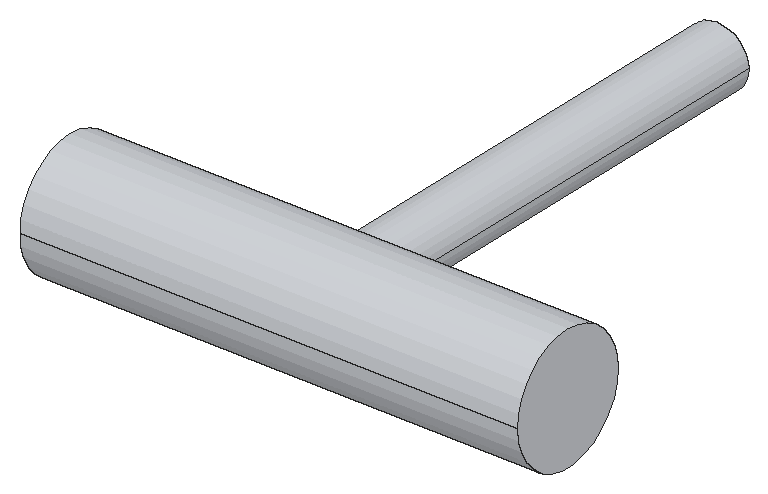
Revit family "DuctFitting_Round_Wye", category Duct Fittings, Revit 2023
Family settings
  Round Connector Dimension = Use Diameter
  Part Type = Elbow
  Work Plane-Based = No
  Always vertical = Yes
  Cut with Voids When Loaded = No
  Shared = No
Parameters
  Length Branch [instance] = 400 mm
  Length Main [instance] = 400 mm
  Diameter Main [instance] = 100 mm
  Diameter Branch [instance] = 50 mm
  Default Elevation = 0 mm
  Angle [instance] = 90.00°
Reference planes
  plane 1 "Center (Front/Back)": y = 0
  plane 2: z = 0
  plane 3 "Center (Left/Right)": x = 0
Forms (mm)
  Sweep 1, solid
    path in 3D
      loop
        line (-200, 0, 0) -> (200, 0, 0)
    profile origin (0, 0, 0) x (0, 1, 0) y (0, 0, 1)
      loop
        circle (0, 0) r 50
  Sweep 2, solid
    path in 3D
      loop
        line (0, 0, 0) -> (0, 400, 0)
    profile origin (0, 200, 0) x (-1, 0, 0) y (0, 0, 1)
      loop
        circle (0, 0) r 25
Lines and regions (mm)
  model lines
    curve 1: line (-200, 0, 0) -> (200, 0, 0)
    curve 2: line (0, 0, 0) -> (0, 400, 0)
  sketch lines
    curve 3: line (-200, 0, 0) -> (200, 0, 0)
    curve 4: line (0, 0, 0) -> (0, 400, 0)
Dimensions and locks
  "Length Branch": curve 2 to curve 2
  "Length Main": curve 1 to curve 1
  equal spacing: curve 1, plane 3 "Center (Left/Right)", curve 1
  "Diameter Branch": diameter of Sweep 2 sketch curve
  "Diameter Main": diameter of Sweep 1 sketch curve
  "Angle": angle curve 1 to curve 2
  aligned and locked: level to plane 2
Automatic sketch dimensions
  plane 1 "Center (Front/Back)" to curve 2 = 0 mm
  curve 2 to plane 3 "Center (Left/Right)" = 0 mm
  Sweep 1 sketch curve to profile plane = 0 mm  (x2)
  Sweep 2 sketch curve to profile plane = 0 mm  (x2)
Connectors
  hvac at (0, 400, 0), driven by "Diameter Branch"
    settings: on Sweep 2, index 1, duct flow 0.0 L/s, flow factor 0, pres drop 0.0 Pa, loss coef 0, conn angle 0.00°, conn width 304.8 mm, conn height 304.8 mm, conn diameter 50 mm, duct sys type 1, conn prof type 0, flow config 0, flow direction 0, loss method 0, conn ref index -1, conn util no, is conn primary yes, conn desc ""
  hvac at (-200, 0, 0), driven by "Diameter Main"
    settings: on Sweep 1, index 2, duct flow 0.0 L/s, flow factor 0, pres drop 0.0 Pa, loss coef 0, conn angle 0.00°, conn width 304.8 mm, conn height 304.8 mm, conn diameter 100 mm, duct sys type 1, conn prof type 0, flow config 0, flow direction 0, loss method 0, conn ref index -1, conn util no, is conn primary no, conn desc ""
  hvac at (200, 0, 0), driven by "Diameter Main"
    settings: on Sweep 1, index 3, duct flow 0.0 L/s, flow factor 0, pres drop 0.0 Pa, loss coef 0, conn angle 0.00°, conn width 304.8 mm, conn height 304.8 mm, conn diameter 100 mm, duct sys type 1, conn prof type 0, flow config 0, flow direction 0, loss method 0, conn ref index -1, conn util no, is conn primary no, conn desc ""
